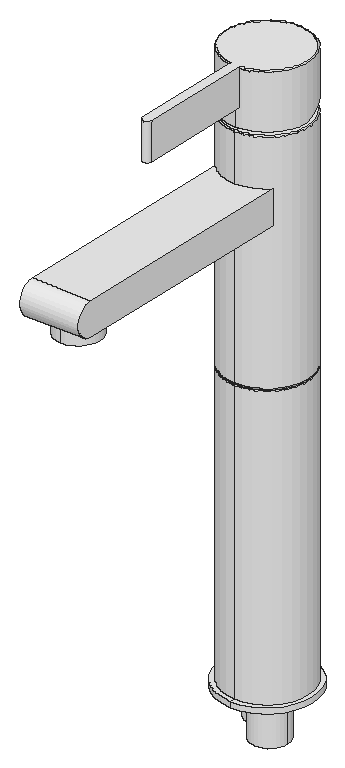
Revit family "Mixer-Basin-Dorf Enigma-Tower1", category Plumbing Fixtures, host Face, Revit 2014
Parameters (values of type "Standard")
  Width_ANZRS = 175 mm  # constant formula
  Waste Connection = no
  WELSRating_ANZRS = "WELS 5 star rated, 6L/min"  # constant formula
  Vent Connection = no
  URL = "http://specify.caroma.com.au/"
  Type Comments = "Dorf Enigma Tower Basin Mixer"  # constant formula
  ModifiedIssue_ANZRS = 20150428.01  # constant formula
  Model = "6481.045A"  # constant formula
  Material_ANZRS = Metal-Chrome-Caroma
  Manufacturer = "GWA Bathrooms & Kitchens"  # constant formula
  Length_ANZRS = 50 mm  # constant formula
  Height_ANZRS = 315 mm  # constant formula
  HWFU = 1.58  # constant formula
  HW Connection = yes
  Description = "Enigma range is tough enough for family life whilst retaining a gentle, geometric design feel."  # constant formula
  Default Elevation = 0 mm
  CreatedBy_ANZRS = "Design Content"  # constant formula
  CreatedByURL_ANZRS = "http://www.designcontent.com.au"
  Cost = 0
  Connector Radius = 10 mm  # constant formula
  CWFU = 1.58  # constant formula
  CW Connection = yes
  Assembly Code = "D2020300"
Reference planes
  plane 1 "Center (Front/Back)": y = 0
  plane 2: z = 0
  plane 3 "Center (Left/Right)": x = 0
  plane 4 "Top": z = 315
  plane 5 "Left": x = -25
  plane 6 "Right": x = 25
  plane 7 "Back": y = 25
  plane 8 "Front": y = -150
Forms (mm)
  Extrusion 1, solid, material "Metal-Chrome-Caroma" <- "Material_ANZRS"
    sketch origin (0, 0, 0) x (1, 0, 0) y (0, 1, 0)
      loop
        circle (7.071, -7.071) r 10
    from -20 to 0
  Extrusion 2, solid, material "Metal-Chrome-Caroma" <- "Material_ANZRS"
    sketch origin (0, 0, 0) x (1, 0, 0) y (0, 1, 0)
      loop
        circle (-7.071, 7.071) r 10
    from -20 to 0
  Revolve 3, solid, material "Metal-Chrome-Caroma" <- "Material_ANZRS"
    sketch origin (0, 0, -40) x (0, 1, 0) y (0, 0, 1)
      loop
        line (0, 40) -> (25.2, 40) -> (25.2, 43) -> (22.5, 43) -> (22.5, 197.483)
        arc (22.5, 197.483) -> (22.354, 197.837) -> (22, 197.983) r 0.5
        arc (22, 197.983) -> (22.354, 198.13) -> (22.5, 198.483) r 0.5
        line (22.5, 198.483) -> (22.5, 322.5)
        arc (22.5, 322.5) -> (22.354, 322.854) -> (22, 323) r 0.5
        line (22, 323) -> (18.79, 323)
        arc (18.79, 323) -> (17.021, 329.457) -> (13.268, 335) r 20.521
        line (13.268, 335) -> (0, 335) -> (0, 40)
      axis (0, 335) -> (0, 40)
    angle from 0 to 360
  Revolve 4, solid, material "Metal-Chrome-Caroma" <- "Material_ANZRS"
    sketch origin (0, 0, -22.365) x (0, 1, 0) y (0, 0, 1)
      loop
        line (0, 307.416) -> (0, 337.365) -> (-22, 337.365)
        arc (-22, 337.365) -> (-22.354, 337.219) -> (-22.5, 336.865) r 0.5
        line (-22.5, 336.865) -> (-22.5, 307.416) -> (0, 307.416)
      axis (0, 337.365) -> (0, 307.416)
    angle from 0 to 360
  Extrusion 5, void
    sketch origin (0, 0, -22.365) x (0, 1, 0) y (0, 0, 1)
      loop
        line (-3.321, 306.316) -> (23.495, 306.316) -> (23.495, 317.359) -> (-3.321, 306.316)
    from -50 to 50
  Revolve 6, solid, material "Metal-Chrome-Caroma" <- "Material_ANZRS"
    sketch origin (0, -49.426, 173.276) x (0, 0.951057, 0.309017) y (0, -0.309017, 0.951057)
      loop
        line (-47.347, 75.806) -> (-44.503, 84.557) -> (-55.836, 88.239) -> (-59.004, 78.49) -> (-51.18, 75.947) -> (-50.553, 76.848) -> (-47.347, 75.806)
      axis (-55.836, 88.239) -> (-59.004, 78.49)
    angle from 0 to 360
  Extrusion 7, solid, material "Metal-Chrome-Caroma" <- "Material_ANZRS"
    sketch origin (0, 0, 0) x (1, 0, 0) y (0, 1, 0)
      loop
        line (2.5, -82.5) -> (2.5, -16.505) -> (-2.5, -16.505) -> (-2.5, -82.5)
        arc (-2.5, -82.5) -> (0, -85) -> (2.5, -82.5) r 2.5
    from 295 to 315
  Extrusion 8, solid, material "Metal-Chrome-Caroma" <- "Material_ANZRS"
    sketch origin (0, 0, 0) x (0, 1, 0) y (0, 0, 1)
      loop
        line (-12.104, 256.959) -> (-140.991, 256.959)
        arc (-140.991, 256.959) -> (-150, 247.95) -> (-140.991, 238.941) r 9.009
        line (-140.991, 238.941) -> (-12.104, 238.941) -> (-12.104, 256.959)
    from -16 to 16
Cuts and joins
  Extrusion 5 cuts Revolve 4
  joined: Revolve 4, Extrusion 7
  joined: Revolve 3, Revolve 6, Extrusion 8
Lines and regions (mm)
  Masking region 1
    outline origin (0, 0, 0) x (1, 0, 0) y (0, 1, 0)
      loop
        spline (-16, -148.146) -> (-15.947, -148.388) -> (-15.79, -148.626) -> (-15.531, -148.855) -> (-15.174, -149.073) -> (-14.726, -149.275) -> (-14.194, -149.457) -> (-13.588, -149.617) -> (-12.917, -149.752) -> (-12.194, -149.859) -> (-11.43, -149.937) -> (-10.639, -149.984) -> (-9.835, -150)
        line (-9.835, -150) -> (9.855, -150)
        spline (9.855, -150) -> (10.657, -149.984) -> (11.446, -149.937) -> (12.207, -149.859) -> (12.928, -149.752) -> (13.596, -149.617) -> (14.2, -149.457) -> (14.73, -149.275) -> (15.177, -149.073) -> (15.532, -148.855) -> (15.791, -148.626) -> (15.947, -148.388) -> (16, -148.146)
        line (16, -148.146) -> (16, -19.469)
        arc (16, -19.469) -> (0, 25.2) -> (-16, -19.469) r 25.2
        line (-16, -19.469) -> (-16, -148.146)
  Masking region 2
    outline origin (271, 15, 0) x (0, -1, 0) y (0, 0, -1)
      loop
        line (40.2, 0) -> (-10.2, 0) -> (-10.2, -3) -> (-7.5, -3) -> (-7.5, -283) -> (-3.79, -283)
        arc (-3.79, -283) -> (-2.712, -287.554) -> (-0.775, -291.815) r 24.135
        line (-0.775, -291.815) -> (-7.586, -294.619) -> (-7.586, -315) -> (100, -315) -> (100, -295) -> (37.5, -295) -> (37.5, -285.051) -> (33.42, -285.051)
        arc (33.42, -285.051) -> (33.627, -284.029) -> (33.79, -283) r 24.135
        line (33.79, -283) -> (37.5, -283) -> (37.5, -256.959) -> (155.991, -256.959)
        arc (155.991, -256.959) -> (164.993, -248.311) -> (156.713, -238.97) r 9.009
        line (156.713, -238.97) -> (156.713, -230.678) -> (132.88, -230.678) -> (132.88, -238.941) -> (37.5, -238.941) -> (37.5, -3) -> (40.2, -3) -> (40.2, 0)
  Masking region 3
    outline origin (0, 0, 0) x (1, 0, 0) y (0, 0, 1)
      loop
        line (0, 0) -> (25, 0) -> (25, 3) -> (22.5, 3) -> (22.5, 283) -> (18.79, 283) -> (18.502, 285.051) -> (22.5, 285.051) -> (22.5, 315) -> (0, 315) -> (-22.5, 315) -> (-22.5, 285.051) -> (-18.502, 285.051) -> (-18.79, 283) -> (-22.5, 283) -> (-22.5, 3) -> (-25, 3) -> (-25, 0) -> (0, 0)
  symbolic lines, style "Taps/Mixers"
    curve 1: line (271, -22.361, 295) -> (271, -22.361, 315)
    curve 2: line (271, -18.79, 283) -> (271, 18.79, 283)
    curve 3: line (271, 15.775, 291.815) -> (271, -0.65, 285.051)
    curve 4: line (271, -0.65, 285.051) -> (271, -18.42, 285.051)
    curve 5: line (271, -117.88, 238.941) -> (271, -141.713, 238.941)
    curve 6: line (271, -22.5, 256.959) -> (271, -15.819, 256.959)
    curve 7: line (271, -15.819, 256.959) -> (271, -15.819, 238.941)
    curve 8: line (271, -15.819, 238.941) -> (271, -22.5, 238.941)
    curve 9: line (271, -22.5, 3) -> (271, 22.5, 3)
    curve 10: line (-2.5, -22.361, 0) -> (-2.5, -82.5, 0)
    curve 11: line (2.5, -22.361, 0) -> (2.5, -82.5, 0)
    curve 12: arc (2.5, -82.5, 0) -> (0, -85, 0) -> (-2.5, -82.5, 0) r 2.5
    curve 13: arc (-2.5, -22.361, 0) -> (0, 22.5, 0) -> (2.5, -22.361, 0) r 22.5
    curve 14: line (-16, 0, 256.959) -> (16, 0, 256.959)
    curve 15: line (-16, 0, 238.941) -> (-16, 0, 256.959)
    curve 16: line (16, 0, 238.941) -> (-16, 0, 238.941)
    curve 17: line (16, 0, 256.959) -> (16, 0, 238.941)
    curve 18: line (-11.916, 0, 230.741) -> (11.916, 0, 230.741)
    curve 19: line (-11.916, 0, 238.941) -> (-11.916, 0, 230.741)
    curve 20: line (11.916, 0, 238.941) -> (-11.916, 0, 238.941)
    curve 21: line (11.916, 0, 230.741) -> (11.916, 0, 238.941)
    curve 22: line (0, 0, 229.691) -> (-8.226, 0, 229.691)
    curve 23: line (-8.226, 0, 229.691) -> (-8.545, 0, 230.741)
    curve 24: line (0, 0, 229.691) -> (8.226, 0, 229.691)
    curve 25: line (8.226, 0, 229.691) -> (8.545, 0, 230.741)
    curve 26: line (18.79, 0, 283) -> (-18.79, 0, 283)
    curve 27: line (-18.502, 0, 285.051) -> (18.502, 0, 285.051)
    curve 28: line (-22.5, 0, 3) -> (22.5, 0, 3)
    curve 29: line (-2.5, 0, 315) -> (2.5, 0, 315)
    curve 30: line (-2.5, 0, 295) -> (-2.5, 0, 315)
    curve 31: line (2.5, 0, 295) -> (-2.5, 0, 295)
    curve 32: line (2.5, 0, 315) -> (2.5, 0, 295)
    curve 33: line (-16, -19.469, 0) -> (-16, -15.819, 0)
    curve 34: line (16, -19.469, 0) -> (16, -15.819, 0)
    curve 35: line (0, 22.5, 157.983) -> (0, -22.5, 157.983)
    curve 36: line (-22.5, 0, 157.983) -> (22.5, 0, 157.983)
Dimensions and locks
  level to plane 4 "Top" = 315 mm
  aligned and locked: plane 2 to host face
  aligned and locked: level to host face
Connectors
  piping at (7.071, -7.071, -20), diameter 20, driven by "Connector Radius", driven by "CWFU"
    settings: on Extrusion 1, index 5, connector inside diameter 0.7874", connector length 0 mm, flow factor 0, pipe flow 0 GPM, pressure drop 0.00 psi, fitting loss kfactor 0, connector angle 0.00°, fixture units 1.58, engagement length 0 mm, angle of deflection 0.00°, flow configuration 3, flow direction 1, fitting loss method 0, system type 20, joint type 0, gender type 0, connector reference index -1, connector utility 0, adjustable connector no, is connector primary yes, connector description ""
  piping at (-7.071, 7.071, -20), diameter 20, driven by "Connector Radius", driven by "HWFU"
    settings: on Extrusion 2, index 6, connector inside diameter 0.7874", connector length 0 mm, flow factor 0, pipe flow 0 GPM, pressure drop 0.00 psi, fitting loss kfactor 0, connector angle 0.00°, fixture units 1.58, engagement length 0 mm, angle of deflection 0.00°, flow configuration 3, flow direction 1, fitting loss method 0, system type 19, joint type 0, gender type 0, connector reference index -1, connector utility 0, adjustable connector no, is connector primary no, connector description ""
